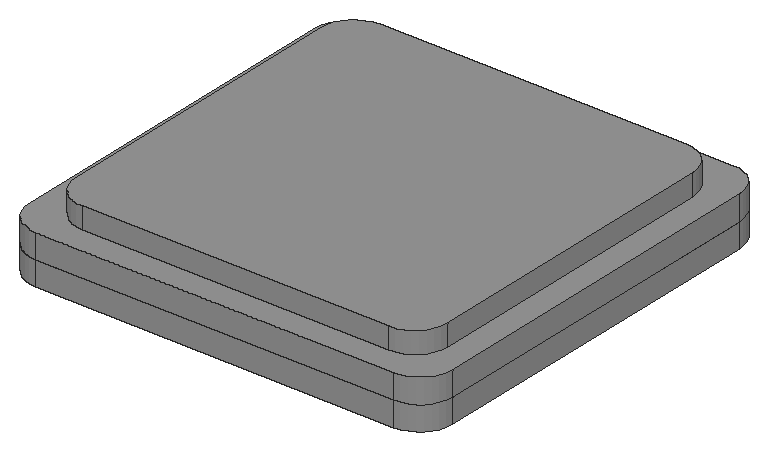
Revit family "FMS2_63_UN_Surface-mounted_ETK", category Lighting Fixtures, Revit 2019 (continued)
Definition of nested family "FMS.2 - Lightsource"
  Types (14, lengths in mm): name | Wattage Comments | Wattage | built-in parameter 1150134 | Photometric Web File | built-in parameter 1150142 | built-in parameter 1150105 | Lumens | built-in parameter 1150107 | built-in parameter 1150106 | Apparent Load
    FMS.1103.10 - Ø270 / 18W / 1120lm / 3000K | "18W" | 7.53996 W | (empty or 0) | "FMS.1103.10.ies" | "IESNA:LM-63-2002\r\n[TEST] /2015\r\n[TESTLAB] ies2eulumdat.appspot.com\r\n[ISSUEDATE] 2021-10-05T13:44:03.398\r\n[MANUFAC] www.etk.nl\r\n[LUMCAT] FMS.1103.10\r\n[LUMINAIRE] FMS.1 LED 18W 3000K 1120lm DALI ø270 Ledeshi Slice circle III DALI\r\n[LAMPCAT] LED\r\n[LAMP] LED\r\nTILT=NONE\r\n1\t1283\t1\t181\t72\t1\t2\t-0.270\t-0.270\t0\r\n1.0\t1.0\t15.90\r\n0\t 0.5\t 1\t 1.5\t 2\t 2.5\t 3\t 3.5\t 4\t 4.5\r\n5\t 5.5\t 6\t 6.5\t 7\t 7.5\t 8\t 8.5\t 9\t 9.5\r\n10\t 10.5\t 11\t 11.5\t 12\t 12.5\t 13\t 13.5\t 14\t 14.5\r\n15\t 15.5\t 16\t 16.5\t 17\t 17.5\t 18\t 18.5\t 19\t 19.5\r\n20\t 20.5\t 21\t 21.5\t 22\t 22.5\t 23\t 23.5\t 24\t 24.5\r\n25\t 25.5\t 26\t 26.5\t 27\t 27.5\t 28\t 28.5\t 29\t 29.5\r\n30\t 30.5\t 31\t 31.5\t 32\t 32.5\t 33\t 33.5\t 34\t 34.5\r\n35\t 35.5\t 36\t 36.5\t 37\t 37.5\t 38\t 38.5\t 39\t 39.5\r\n40\t 40.5\t 41\t 41.5\t 42\t 42.5\t 43\t 43.5\t 44\t 44.5\r\n45\t 45.5\t 46\t 46.5\t 47\t 47.5\t 48\t 48.5\t 49\t 49.5\r\n50\t 50.5\t 51\t 51.5\t 52\t 52.5\t 53\t 53.5\t 54\t 54.5\r\n55\t 55.5\t 56\t 56.5\t 57\t 57.5\t 58\t 58.5\t 59\t 59.5\r\n60\t 60.5\t 61\t 61.5\t 62\t 62.5\t 63\t 63.5\t 64\t 64.5\r\n65\t 65.5\t 66\t 66.5\t 67\t 67.5\t 68\t 68.5\t 69\t 69.5\r\n70\t 70.5\t 71\t 71.5\t 72\t 72.5\t 73\t 73.5\t 74\t 74.5\r\n75\t 75.5\t 76\t 76.5\t 77\t 77.5\t 78\t 78.5\t 79\t 79.5\r\n80\t 80.5\t 81\t 81.5\t 82\t 82.5\t 83\t 83.5\t 84\t 84.5\r\n85\t 85.5\t 86\t 86.5\t 87\t 87.5\t 88\t 88.5\t 89\t 89.5\r\n90\r\n0\t 5\t 10\t 15\t 20\t 25\t 30\t 35\t 40\t 45\r\n50\t 55\t 60\t 65\t 70\t 75\t 80\t 85\t 90\t 95\r\n100\t 105\t 110\t 115\t 120\t 125\t 130\t 135\t 140\t 145\r\n150\t 155\t 160\t 165\t 170\t 175\t 180\t 185\t 190\t 195\r\n200\t 205\t 210\t 215\t 220\t 225\t 230\t 235\t 240\t 245\r\n250\t 255\t 260\t 265\t 270\t 275\t 280\t 285\t 290\t 295\r\n300\t 305\t 310\t 315\t 320\t 325\t 330\t 335\t 340\t 345\r\n350\t 355\r\n473.6291\t473.5008\t473.3725\t473.2442\t473.1158\t472.8592\t472.6026\t472.2176\t471.8326\t471.3194\r\n470.9344\t470.4211\t470.0362\t469.3946\t468.6246\t467.983\t467.2131\t466.3149\t465.4166\t464.3901\r\n463.4918\t462.5936\t461.567\t460.2838\t458.8723\t457.5891\t456.4342\t455.0227\t453.6112\t452.1997\r\n450.6598\t449.12\t447.5802\t445.912\t444.2438\t442.5757\t440.7792\t438.9827\t437.0579\t435.1331\r\n433.2083\t431.1552\t429.1021\t426.9206\t424.6109\t422.5578\t420.5046\t418.1949\t415.7568\t413.447\r\n411.1373\t408.8275\t406.3894\t403.9514\t401.385\t398.6902\t395.9955\t393.5574\t390.991\t388.2963\r\n385.6016\t382.7786\t379.8272\t377.1325\t374.4378\t371.4864\t368.535\t365.712\t362.889\t359.9376\r\n356.9862\t353.7782\t350.6986\t347.7472\t344.6675\t341.7162\t338.6365\t335.5568\t332.4771\t329.1408\r\n325.9328\t322.8531\t319.7734\t316.4371\t313.2291\t309.8928\t306.6848\t303.3485\t300.1405\t296.8042\r\n293.4678\t290.1315\t286.9235\t283.4589\t280.1226\t276.9146\t273.5782\t270.1136\t266.649\t263.3126\r\n259.9763\t256.3834\t252.7904\t249.5824\t246.2461\t242.6531\t239.0602\t235.5955\t232.1309\t228.6662\r\n225.2016\t221.737\t218.2723\t214.8077\t211.343\t207.8784\t204.2854\t200.6925\t197.2278\t193.6349\r\n190.1702\t186.7056\t183.1126\t179.648\t176.055\t172.5904\t169.1258\t165.4045\t161.8115\t158.2186\r\n154.6256\t151.2893\t147.8246\t144.2317\t140.6387\t137.1741\t133.7094\t130.2448\t126.6647\t123.2257\r\n119.7996\t116.3221\t112.8446\t109.4698\t106.095\t102.7073\t99.3325\t95.9577\t92.5829\t89.3364\r\n86.1027\t82.8691\t79.6482\t76.4402\t73.2451\t70.2039\t67.1627\t64.2242\t61.2985\t58.3856\r\n55.4727\t52.7267\t49.9806\t47.1704\t44.3602\t41.8195\t39.2916\t36.8278\t34.3769\t31.9902\r\n29.6034\t27.4476\t25.2919\t23.3414\t21.3909\t19.71\t18.029\t17.0794\t16.117\t13.4479\r\n10.775\r\n473.6291\t473.5008\t473.3725\t473.1158\t472.8592\t472.6026\t472.3459\t471.8326\t471.3194\t470.9344\r\n470.4211\t469.9078\t469.3946\t468.6246\t467.983\t467.0848\t466.3149\t465.4166\t464.3901\t463.4918\r\n462.4653\t461.4387\t460.4122\t459.129\t457.7174\t456.4342\t455.151\t453.7395\t452.1997\t450.7882\r\n449.2483\t447.7085\t446.0403\t444.3722\t442.704\t440.9075\t439.111\t437.1862\t435.2614\t433.3366\r\n431.4118\t429.3587\t427.3056\t424.9958\t422.8144\t420.7613\t418.5798\t416.2701\t413.832\t411.5222\r\n409.2125\t406.7744\t404.3363\t401.7699\t399.3318\t396.6371\t393.9424\t391.376\t388.8096\t386.2432\r\n383.5485\t380.7254\t377.7741\t374.951\t372.2563\t369.4333\t366.4819\t363.6589\t360.7075\t357.7562\r\n354.8048\t351.7251\t348.6454\t345.5658\t342.6144\t339.5347\t336.5834\t333.5037\t330.424\t327.216\r\n323.8797\t320.8\t317.7203\t314.5123\t311.176\t307.968\t304.76\t301.552\t298.344\t295.0077\r\n291.543\t288.335\t285.127\t281.7907\t278.4544\t275.1181\t271.7818\t268.4454\t265.1091\t261.7728\r\n258.4365\t255.1002\t251.6355\t248.1709\t244.7062\t241.3699\t237.9053\t234.4406\t230.976\t227.5114\r\n224.0467\t220.5821\t217.2458\t213.9094\t210.4448\t206.9802\t203.3872\t199.7942\t196.4579\t192.9933\r\n189.5286\t185.9357\t182.5994\t179.1347\t175.7984\t172.3338\t168.7408\t165.1478\t161.5549\t158.0902\r\n154.6256\t151.0326\t147.3114\t143.5901\t139.8688\t136.2758\t132.8112\t129.3466\t125.7664\t122.212\r\n118.7088\t115.2185\t111.7539\t108.3021\t104.8503\t101.4113\t98.075\t94.79\t91.4793\t88.143\r\n84.8837\t81.727\t78.6217\t75.5292\t72.3468\t69.2415\t66.1618\t63.1719\t60.1949\t57.3462\r\n54.5617\t51.8156\t49.1209\t46.4647\t43.6288\t40.7288\t37.7004\t34.5309\t31.2203\t28.0123\r\n24.9326\t22.0839\t19.402\t16.9126\t14.6413\t12.8448\t11.2896\t10.1014\t9.1543\t1.2783\r\n0\r\n473.6291\t473.5008\t473.2442\t472.9875\t472.7309\t472.3459\t471.961\t471.4477\t470.9344\t470.4211\r\n469.9078\t469.3946\t468.753\t468.1114\t467.2131\t466.4432\t465.6733\t464.6467\t463.6202\t462.5936\r\n461.567\t460.5405\t459.5139\t458.2307\t456.8192\t455.4077\t454.1245\t452.713\t451.1731\t449.7616\r\n448.2218\t446.5536\t445.0138\t443.2173\t441.5491\t439.7526\t437.9562\t436.0314\t434.1066\t432.1818\r\n430.257\t428.2038\t426.1507\t423.9693\t421.7878\t419.6064\t417.425\t415.2435\t412.8054\t410.4957\r\n408.0576\t405.7478\t403.3098\t400.8717\t398.3053\t395.8672\t393.1725\t390.6061\t387.9114\t385.345\r\n382.6502\t380.0838\t377.1325\t374.3094\t371.4864\t368.7917\t365.9686\t363.2739\t360.3226\t357.3712\r\n354.4198\t351.4685\t348.3888\t345.4374\t342.4861\t339.4064\t336.455\t333.5037\t330.424\t327.3443\r\n324.2646\t321.0566\t317.977\t314.8973\t311.8176\t308.6096\t305.4016\t302.3219\t299.1139\t295.9059\r\n292.6979\t289.3616\t285.7686\t282.4323\t279.096\t275.6314\t272.1667\t268.7021\t265.1091\t261.6445\r\n258.1798\t254.7152\t251.3789\t247.7859\t244.3213\t240.7283\t237.1354\t233.6707\t230.2061\t226.6131\r\n223.0202\t219.5555\t215.9626\t212.3696\t208.905\t205.4403\t201.9757\t198.511\t194.9181\t191.3251\r\n187.7322\t184.2675\t180.8029\t177.2099\t173.7453\t170.2806\t166.816\t163.4797\t160.015\t156.4221\r\n152.7008\t149.2362\t145.6432\t142.0502\t138.5856\t134.9926\t131.528\t127.9864\t124.5217\t121.0956\r\n117.6951\t114.3203\t110.9198\t107.545\t104.2728\t101.0392\t97.8825\t94.6232\t91.0559\t87.3988\r\n83.8828\t80.7518\t77.6336\t74.5283\t71.4357\t68.4074\t65.4689\t62.5175\t59.5661\t56.6918\r\n53.8687\t51.1227\t48.4665\t45.8872\t43.0899\t40.1128\t37.1486\t34.1973\t31.2588\t28.4999\r\n25.9976\t23.5852\t21.2498\t19.0812\t17.2334\t15.4754\t13.7687\t9.2339\t1.903\t0\r\n0\r\n473.6291\t473.3725\t473.1158\t472.7309\t472.4742\t472.0893\t471.7043\t471.191\t470.5494\t470.0362\r\n469.5229\t468.8813\t468.2397\t467.4698\t466.6998\t465.8016\t465.0317\t464.0051\t462.9786\t461.952\r\n460.9254\t459.7706\t458.744\t457.5891\t456.0493\t454.6378\t453.3546\t451.943\t450.5315\t448.9917\r\n447.4518\t445.912\t444.2438\t442.5757\t440.7792\t439.111\t437.1862\t435.3898\t433.465\t431.6685\r\n429.7437\t427.6906\t425.7658\t423.5843\t421.4029\t419.2214\t417.04\t414.8586\t412.6771\t410.3674\r\n408.0576\t405.6195\t403.3098\t400.8717\t398.4336\t395.8672\t393.4291\t390.8627\t388.4246\t385.7299\r\n383.0352\t380.4688\t377.9024\t375.2077\t372.3846\t369.6899\t366.8669\t364.0438\t361.4774\t358.5261\r\n355.3181\t352.1101\t348.9021\t345.8224\t342.6144\t339.4064\t336.1984\t332.8621\t329.6541\t326.5744\r\n323.2381\t320.0301\t316.6938\t313.3574\t310.0211\t306.8131\t303.4768\t300.1405\t296.8042\t293.4678\r\n290.2598\t286.9235\t283.5872\t279.9942\t276.5296\t273.1933\t269.9853\t266.649\t263.3126\t259.9763\r\n256.5117\t253.047\t249.7107\t246.3744\t242.9098\t239.5734\t236.2371\t232.9008\t229.4362\t226.0998\r\n222.5069\t218.9139\t215.321\t211.728\t208.135\t204.5421\t201.0774\t197.4845\t193.8915\t190.4269\r\n186.9622\t183.4976\t180.033\t176.44\t172.847\t169.2541\t165.7894\t162.5814\t159.1168\t155.7805\r\n152.4442\t149.1078\t145.5149\t141.7936\t137.944\t134.351\t130.8864\t127.3833\t123.8288\t120.3\r\n116.7712\t113.2809\t109.8676\t106.4799\t103.1308\t99.7945\t96.471\t93.0705\t89.747\t86.4748\r\n83.2284\t80.0717\t76.9663\t73.9123\t70.884\t67.9069\t64.9299\t61.9786\t59.0785\t56.217\r\n53.4068\t50.6607\t47.9404\t45.2585\t42.7562\t40.2925\t37.8672\t35.4676\t33.0937\t30.7326\r\n28.4485\t26.2158\t24.0215\t21.8657\t19.7228\t16.5404\t9.6599\t2.7884\t0\t0\r\n0\r\n473.6291\t473.3725\t472.9875\t472.6026\t472.3459\t471.8326\t471.4477\t470.9344\t470.2928\t469.6512\r\n469.0096\t468.4963\t467.7264\t467.0848\t466.1866\t465.4166\t464.5184\t463.4918\t462.4653\t461.4387\r\n460.2838\t459.2573\t458.1024\t456.9475\t455.6643\t454.2528\t452.8413\t451.4298\t450.0182\t448.6067\r\n447.0669\t445.527\t443.9872\t442.319\t440.6509\t438.8544\t437.0579\t435.2614\t433.465\t431.5402\r\n429.6154\t427.8189\t425.8941\t423.841\t421.6595\t419.6064\t417.425\t415.5002\t413.1904\t411.009\r\n408.6992\t406.5178\t404.208\t401.8982\t399.4602\t396.8938\t394.0707\t391.2477\t388.553\t385.7299\r\n382.9069\t379.8272\t376.8758\t374.0528\t371.1014\t368.1501\t365.0704\t361.9907\t359.0394\t355.9597\r\n353.0083\t350.057\t346.849\t343.7693\t340.5613\t337.4816\t334.4019\t331.1939\t328.1142\t324.9062\r\n321.6982\t318.6186\t315.4106\t312.2026\t309.1229\t305.7866\t302.4502\t299.2422\t296.0342\t292.8262\r\n289.7466\t286.6669\t283.3306\t279.9942\t276.7862\t273.3216\t269.7286\t266.1357\t262.5427\t259.0781\r\n255.7418\t252.2771\t248.9408\t245.3478\t241.8832\t238.4186\t234.9539\t231.4893\t228.0246\t224.56\r\n221.0954\t217.759\t214.4227\t210.9581\t207.6218\t204.1571\t200.8208\t197.4845\t194.1482\t190.8118\r\n186.9622\t183.241\t179.5197\t175.7984\t172.2054\t168.6125\t165.1478\t161.5549\t157.9619\t154.369\r\n150.6477\t147.0547\t143.5901\t140.1254\t136.6608\t133.3245\t129.8598\t126.4209\t122.9049\t119.4018\r\n115.95\t112.5238\t109.1105\t105.7228\t102.3865\t99.0887\t95.8294\t92.6342\t89.4519\t86.154\r\n82.8819\t79.6482\t76.4787\t73.3605\t70.3065\t67.3038\t64.3396\t61.414\t58.5652\t55.8192\r\n53.1116\t50.4298\t47.7864\t45.1686\t42.5894\t40.023\t37.5464\t35.3137\t33.1194\t30.9508\r\n28.795\t26.6521\t24.522\t22.4175\t16.4635\t10.0731\t3.67\t0\t0\t0\r\n0\r\n473.6291\t473.2442\t472.8592\t472.4742\t472.0893\t471.7043\t471.191\t470.6778\t470.0362\t469.3946\r\n468.753\t468.1114\t467.3414\t466.6998\t465.8016\t464.9034\t464.0051\t463.1069\t462.0803\t461.0538\r\n459.8989\t458.8723\t457.7174\t456.5626\t455.4077\t454.1245\t452.713\t451.3014\t449.8899\t448.4784\r\n446.9386\t445.3987\t443.9872\t442.4474\t440.7792\t439.111\t437.3146\t435.6464\t433.8499\t431.9251\r\n430.1286\t428.3322\t426.4074\t424.6109\t422.8144\t420.7613\t418.1949\t415.6285\t413.1904\t410.7523\r\n408.1859\t405.4912\t402.9248\t400.2301\t397.5354\t394.8406\t392.1459\t389.3229\t386.6282\t383.8051\r\n380.9821\t378.159\t375.336\t372.513\t369.5616\t366.7386\t363.7872\t360.8358\t357.8845\t354.9331\r\n351.9818\t349.0304\t346.2074\t343.1277\t340.1763\t337.225\t334.1453\t331.0656\t328.1142\t325.0346\r\n321.9549\t319.0035\t315.6672\t312.3309\t308.8662\t305.5299\t302.0653\t298.729\t295.3926\t291.928\r\n288.4634\t285.127\t281.6624\t278.3261\t274.9898\t271.7818\t268.3171\t264.9808\t261.6445\t258.1798\r\n254.8435\t251.5072\t248.2992\t245.0912\t241.7549\t238.5469\t235.2106\t231.8742\t228.4096\t224.6883\r\n221.0954\t217.3741\t213.7811\t210.1882\t206.4669\t202.8739\t199.281\t195.688\t192.2234\t188.6304\r\n185.1658\t181.5728\t178.1082\t174.6435\t171.0506\t167.5859\t164.1213\t160.6566\t156.9354\t153.4707\r\n149.8778\t146.4131\t142.8202\t139.3555\t135.8909\t132.4262\t129.0899\t125.6381\t122.289\t118.9526\r\n115.5907\t112.2415\t108.7255\t105.3122\t101.9374\t98.5883\t95.2648\t91.9669\t88.6948\t85.4355\r\n82.2146\t79.0323\t75.8884\t72.8344\t69.8702\t66.9189\t63.9804\t61.0803\t58.2188\t55.3829\r\n52.6112\t49.8652\t47.1319\t44.5912\t42.2301\t39.869\t37.5336\t35.1982\t32.8756\t30.5787\r\n28.2946\t26.0105\t21.8914\t16.0913\t10.2759\t4.4566\t0\t0\t0\t0\r\n0\r\n473.6291\t473.2442\t472.8592\t472.3459\t471.961\t471.4477\t470.9344\t470.4211\t469.7795\t469.1379\r\n468.368\t467.7264\t466.9565\t466.3149\t465.545\t464.6467\t463.7485\t462.8502\t461.8237\t460.7971\r\n459.6422\t458.6157\t457.4608\t456.4342\t455.151\t453.9962\t452.713\t451.4298\t450.0182\t448.6067\r\n447.1952\t445.6554\t444.2438\t442.704\t441.1642\t439.7526\t438.0845\t436.4163\t434.6198\t432.8234\r\n430.5136\t428.2038\t425.8941\t423.5843\t421.2746\t418.9648\t416.655\t414.217\t411.6506\t409.0842\r\n406.5178\t404.0797\t401.5133\t398.8186\t396.2522\t393.6858\t390.991\t388.2963\t385.6016\t382.9069\r\n380.2122\t377.5174\t374.6944\t371.8714\t369.0483\t366.3536\t363.6589\t360.8358\t358.1411\t355.1898\r\n352.2384\t349.287\t346.464\t343.256\t340.048\t336.9683\t333.7603\t330.424\t327.0877\t323.8797\r\n320.6717\t317.3354\t313.999\t310.6627\t307.4547\t304.1184\t300.9104\t297.7024\t294.3661\t291.1581\r\n287.8218\t284.6138\t281.4058\t278.1978\t274.9898\t271.7818\t268.4454\t265.2374\t262.0294\t258.5648\r\n254.9718\t251.3789\t247.7859\t244.193\t240.6\t237.007\t233.4141\t229.8211\t226.3565\t222.8918\r\n219.4272\t215.9626\t212.3696\t208.905\t205.4403\t201.9757\t198.511\t195.0464\t191.7101\t188.1171\r\n184.3958\t180.8029\t177.2099\t173.617\t170.024\t166.5594\t163.0947\t159.5018\t156.1654\t152.7008\r\n149.2362\t145.8998\t142.4352\t138.9706\t135.6342\t132.1696\t128.5766\t125.1248\t121.6345\t118.1571\r\n114.6924\t111.2534\t107.8401\t104.4525\t101.0777\t97.7413\t94.4435\t91.1585\t87.912\t84.7939\r\n81.6885\t78.6088\t75.5548\t72.5136\t69.4981\t66.5083\t63.5441\t60.5927\t57.6413\t54.7156\r\n52.0338\t49.5059\t46.9908\t44.5014\t42.0505\t39.6124\t37.1871\t34.7619\t32.3495\t29.9499\r\n27.3193\t21.8529\t16.3865\t10.9072\t5.4292\t0\t0\t0\t0\t0\r\n0\r\n473.6291\t473.2442\t472.7309\t472.2176\t471.8326\t471.3194\t470.8061\t470.1645\t469.5229\t468.8813\r\n468.1114\t467.4698\t466.6998\t465.9299\t465.2883\t464.3901\t463.4918\t462.5936\t461.567\t460.6688\r\n459.6422\t458.4874\t457.4608\t456.3059\t455.151\t454.1245\t452.8413\t451.6864\t450.2749\t448.9917\r\n447.7085\t446.297\t444.7571\t443.3456\t441.9341\t440.0093\t437.9562\t435.7747\t433.5933\t431.4118\r\n429.1021\t426.9206\t424.6109\t422.3011\t419.863\t417.5533\t415.2435\t412.9338\t410.624\t408.3142\r\n405.8762\t403.3098\t400.8717\t398.3053\t395.7389\t393.1725\t390.6061\t388.168\t385.4733\t382.9069\r\n380.2122\t377.6458\t374.951\t372.3846\t369.6899\t366.9952\t363.7872\t360.5792\t357.3712\t354.2915\r\n351.2118\t348.1322\t345.0525\t341.9728\t338.6365\t335.4285\t332.3488\t329.1408\t325.9328\t322.8531\r\n319.7734\t316.5654\t313.4858\t310.2778\t307.1981\t303.9901\t300.9104\t297.7024\t294.4944\t291.2864\r\n288.2067\t284.8704\t281.4058\t277.8128\t274.3482\t270.7552\t267.2906\t263.6976\t260.233\t256.7683\r\n253.3037\t249.839\t246.3744\t242.9098\t239.4451\t235.9805\t232.5158\t229.0512\t225.7149\t222.3786\r\n218.9139\t215.5776\t211.9846\t208.3917\t204.7987\t201.2058\t197.6128\t194.0198\t190.5552\t186.9622\r\n183.4976\t180.033\t176.5683\t173.1037\t169.639\t166.1744\t162.7098\t159.3734\t155.9088\t152.4442\r\n148.9795\t145.3866\t141.7936\t138.2006\t134.6077\t131.143\t127.6142\t124.1368\t120.685\t117.2588\r\n113.8455\t110.4322\t107.0445\t103.6697\t100.3719\t97.1382\t93.9302\t90.7351\t87.5527\t84.3961\r\n81.2522\t78.1212\t75.0159\t71.9234\t68.8308\t65.7768\t62.7356\t59.9383\t57.3205\t54.7028\r\n52.1108\t49.5187\t46.9395\t44.3731\t41.8067\t39.2531\t36.7124\t34.1716\t31.6437\t27.6273\r\n22.3662\t17.1179\t11.8593\t6.6008\t1.3397\t0\t0\t0\t0\t0\r\n0\r\n473.6291\t473.1158\t472.7309\t472.2176\t471.7043\t471.0627\t470.5494\t470.0362\t469.3946\t468.6246\r\n467.983\t467.2131\t466.4432\t465.8016\t465.0317\t464.2618\t463.3635\t462.4653\t461.567\t460.5405\r\n459.6422\t458.6157\t457.4608\t456.4342\t455.2794\t454.2528\t453.0979\t451.943\t450.7882\t449.505\r\n448.3501\t446.8102\t444.8854\t442.704\t440.6509\t438.5978\t436.5446\t434.4915\t432.4384\t430.257\r\n428.2038\t425.8941\t423.7126\t421.5312\t419.2214\t417.04\t414.6019\t412.2922\t409.8541\t407.5443\r\n405.3629\t403.0531\t400.7434\t398.3053\t395.9955\t393.5574\t391.1194\t388.553\t385.8582\t383.4202\r\n380.4688\t377.5174\t374.5661\t371.4864\t368.535\t365.4554\t362.3757\t359.4243\t356.3446\t353.3933\r\n350.3136\t347.2339\t344.1542\t341.0746\t337.9949\t334.9152\t331.8355\t328.8842\t325.9328\t322.8531\r\n319.9018\t316.8221\t313.8707\t310.791\t307.583\t304.1184\t300.6538\t297.1891\t293.5962\t290.2598\r\n286.7952\t283.3306\t279.8659\t276.4013\t273.065\t269.472\t266.1357\t262.671\t259.2064\t255.8701\r\n252.5338\t249.0691\t245.7328\t242.3965\t239.0602\t235.7238\t232.1309\t228.5379\t225.0733\t221.4803\r\n217.8874\t214.4227\t210.9581\t207.3651\t203.9005\t200.4358\t196.8429\t193.3782\t189.9136\t186.5773\r\n183.1126\t179.7763\t176.44\t172.9754\t169.5107\t165.9178\t162.3248\t158.7318\t155.0106\t151.4176\r\n147.953\t144.36\t140.8954\t137.4307\t133.8378\t130.3731\t126.9598\t123.508\t120.0819\t116.6685\r\n113.3066\t109.9702\t106.6468\t103.3489\t100.0639\t96.7918\t93.5453\t90.3116\t87.0908\t83.8956\r\n80.7004\t77.5309\t74.3614\t71.2048\t68.1892\t65.456\t62.7356\t60.0153\t57.3205\t54.6258\r\n51.9439\t49.2749\t46.6187\t43.9624\t41.319\t38.6756\t36.0451\t33.4274\t28.4742\t23.3671\r\n18.2471\t13.1271\t8.0033\t2.8821\t0\t0\t0\t0\t0\t0\r\n0\r\n473.6291\t473.1158\t472.6026\t472.0893\t471.576\t470.9344\t470.4211\t469.7795\t469.1379\t468.4963\r\n467.8547\t467.0848\t466.3149\t465.545\t464.775\t464.0051\t463.2352\t462
